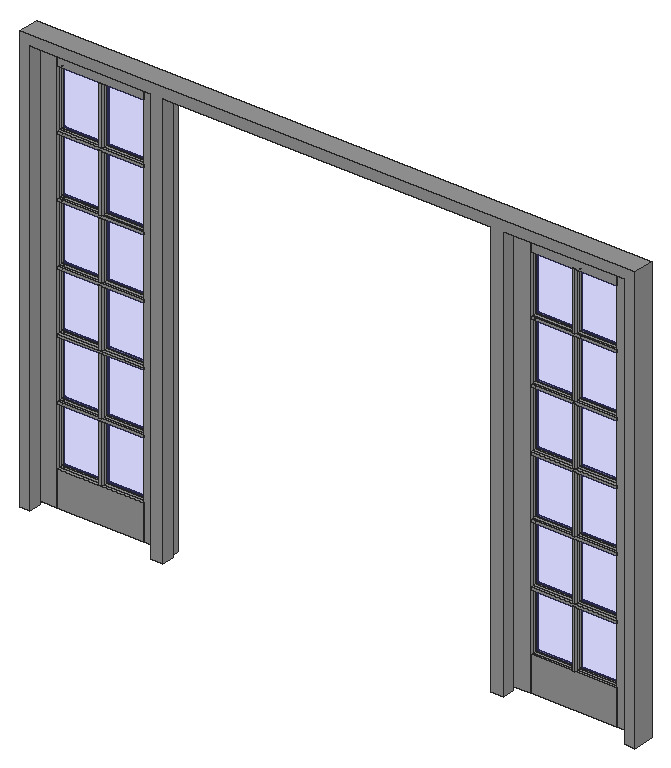
Revit family "VSLF 6 16 6 (3010x2090mm)", category Doors, host Wall, Revit 2013 (continued)
Automatic sketch dimensions
  Sweep 36 sketch curve to Sweep 36 sketch curve = 283.333 mm
  Sweep 36 sketch curve to profile plane = 0 mm
  profile plane to Sweep 36 sketch curve = 41.5 mm
  Sweep 36 sketch curve to profile plane = 7 mm
  Sweep 36 sketch curve to Sweep 36 sketch curve = 2 mm  (x2)
  Sweep 36 sketch curve to profile plane = 0.241 mm
  Sweep 36 sketch curve to Sweep 36 sketch curve = 6 mm
  plane 4 "Right" to Sweep 37 sketch curve = 352.5 mm
  plane 5 to Sweep 37 sketch curve = 713.656 mm
  Sweep 37 sketch curve to Sweep 37 sketch curve = 205.5 mm
  Sweep 37 sketch curve to Sweep 37 sketch curve = 283.333 mm
  Sweep 37 sketch curve to profile plane = 0 mm
  profile plane to Sweep 37 sketch curve = 41.5 mm
  Sweep 37 sketch curve to profile plane = 7 mm
  Sweep 37 sketch curve to Sweep 37 sketch curve = 2 mm  (x2)
  Sweep 37 sketch curve to profile plane = 0.241 mm
  Sweep 37 sketch curve to Sweep 37 sketch curve = 6 mm
  plane 4 "Right" to Sweep 38 sketch curve = 134 mm
  plane 4 "Right" to Sweep 38 sketch curve = 339.5 mm
  plane 5 to Sweep 38 sketch curve = 713.656 mm
  Sweep 38 sketch curve to Sweep 38 sketch curve = 283.333 mm
  Sweep 38 sketch curve to profile plane = 0 mm
  profile plane to Sweep 38 sketch curve = 41.5 mm
  Sweep 38 sketch curve to profile plane = 7 mm
  Sweep 38 sketch curve to Sweep 38 sketch curve = 2 mm  (x2)
  Sweep 38 sketch curve to profile plane = 0.241 mm
  Sweep 38 sketch curve to Sweep 38 sketch curve = 6 mm
  plane 5 to Sweep 39 sketch curve = 133.989 mm
  plane 4 "Right" to Sweep 39 sketch curve = 352.5 mm
  plane 5 to Sweep 39 sketch curve = 417.322 mm
  Sweep 39 sketch curve to Sweep 39 sketch curve = 205.5 mm
  Sweep 39 sketch curve to profile plane = 0 mm
  profile plane to Sweep 39 sketch curve = 41.5 mm
  Sweep 39 sketch curve to profile plane = 7 mm
  Sweep 39 sketch curve to Sweep 39 sketch curve = 2 mm  (x2)
  Sweep 39 sketch curve to profile plane = 0.241 mm
  Sweep 39 sketch curve to Sweep 39 sketch curve = 6 mm
  plane 4 "Right" to Sweep 40 sketch curve = 134 mm
  plane 5 to Sweep 40 sketch curve = 417.322 mm
  Sweep 40 sketch curve to Sweep 40 sketch curve = 205.5 mm
  plane 5 to Sweep 40 sketch curve = 133.989 mm
  Sweep 40 sketch curve to profile plane = 0 mm
  profile plane to Sweep 40 sketch curve = 41.5 mm
  Sweep 40 sketch curve to profile plane = 7 mm
  Sweep 40 sketch curve to Sweep 40 sketch curve = 2 mm  (x2)
  Sweep 40 sketch curve to profile plane = 0.241 mm
  Sweep 40 sketch curve to Sweep 40 sketch curve = 6 mm
  Extrusion 41 sketch curve to host wall = 27.5 mm  (x2)
  level to Extrusion 41 sketch curve = 20 mm
  Extrusion 41 sketch curve to Extrusion 41 sketch curve = 2 mm  (x6)
  Extrusion 41 sketch curve to Extrusion 41 sketch curve = 6 mm  (x2)
  Extrusion 41 sketch curve to host wall = 7.5 mm  (x2)
  Extrusion 41 sketch curve to Extrusion 41 sketch curve = 1.197 mm  (x2)
  Extrusion 41 sketch curve to Extrusion 41 sketch curve = 171 mm
  Extrusion 41 sketch curve to Extrusion 41 sketch curve = 0 mm  (x2)
  Extrusion 41 sketch curve to Extrusion 41 sketch curve = 7 mm  (x2)
  plane 5 to Extrusion 41 sketch curve = 143 mm
  plane 5 to Extrusion 41 sketch curve = 38 mm
  Extrusion 42 sketch curve to host wall = 7.5 mm  (x2)
  Extrusion 42 sketch curve to plane 3 "Left" = 654 mm
  Extrusion 42 sketch curve to host wall = 27.5 mm  (x2)
  Extrusion 42 sketch curve to Extrusion 42 sketch curve = 96 mm
  Extrusion 42 sketch curve to Extrusion 42 sketch curve = 0 mm  (x2)
  Extrusion 42 sketch curve to Extrusion 42 sketch curve = 7 mm  (x2)
  Extrusion 42 sketch curve to Extrusion 42 sketch curve = 2 mm  (x6)
  Extrusion 42 sketch curve to host wall = 37.5 mm
  Extrusion 42 sketch curve to plane 3 "Left" = 143 mm
  Extrusion 42 sketch curve to plane 3 "Left" = 38 mm
  Extrusion 42 sketch curve to Extrusion 42 sketch curve = 0.241 mm  (x2)
  Extrusion 42 sketch curve to Extrusion 42 sketch curve = 6 mm
  Extrusion 43 sketch curve to host wall = 35.5 mm
  Extrusion 43 sketch curve to plane 3 "Left" = 361.5 mm
  Extrusion 43 sketch curve to host wall = 27.5 mm
  Extrusion 43 sketch curve to Extrusion 43 sketch curve = 2 mm  (x6)
  Extrusion 43 sketch curve to host wall = 7.5 mm
  Extrusion 43 sketch curve to Extrusion 43 sketch curve = 9 mm
  Extrusion 43 sketch curve to Extrusion 43 sketch curve = 0 mm
  Extrusion 43 sketch curve to Extrusion 43 sketch curve = 13 mm  (x2)
  Extrusion 43 sketch curve to Extrusion 43 sketch curve = 7 mm
  Extrusion 43 sketch curve to Extrusion 43 sketch curve = 0.241 mm  (x2)
  Extrusion 43 sketch curve to Extrusion 43 sketch curve = 6 mm
  Extrusion 44 sketch curve to host wall = 27.5 mm
  Extrusion 44 sketch curve to host wall = 35.5 mm
  plane 5 to Extrusion 44 sketch curve = 439.333 mm
  Extrusion 44 sketch curve to Extrusion 44 sketch curve = 2 mm  (x6)
  Extrusion 44 sketch curve to Extrusion 44 sketch curve = 6 mm
  Extrusion 44 sketch curve to host wall = 7.5 mm
  Extrusion 44 sketch curve to Extrusion 44 sketch curve = 1.197 mm  (x2)
  Extrusion 44 sketch curve to Extrusion 44 sketch curve = 9 mm
  Extrusion 44 sketch curve to Extrusion 44 sketch curve = 0 mm
  Extrusion 44 sketch curve to Extrusion 44 sketch curve = 13 mm  (x2)
  Extrusion 44 sketch curve to Extrusion 44 sketch curve = 7 mm
  Extrusion 45 sketch curve to host wall = 35.5 mm
  Extrusion 45 sketch curve to plane 3 "Left" = 361.5 mm
  Extrusion 45 sketch curve to host wall = 27.5 mm
  Extrusion 45 sketch curve to Extrusion 45 sketch curve = 2 mm  (x6)
  Extrusion 45 sketch curve to host wall = 7.5 mm
  Extrusion 45 sketch curve to Extrusion 45 sketch curve = 9 mm
  Extrusion 45 sketch curve to Extrusion 45 sketch curve = 0 mm
  Extrusion 45 sketch curve to Extrusion 45 sketch curve = 13 mm  (x2)
  Extrusion 45 sketch curve to Extrusion 45 sketch curve = 7 mm
  Extrusion 45 sketch curve to Extrusion 45 sketch curve = 0.241 mm  (x2)
  Extrusion 45 sketch curve to Extrusion 45 sketch curve = 6 mm
  Extrusion 46 sketch curve to host wall = 35.5 mm
  Extrusion 46 sketch curve to plane 3 "Left" = 361.5 mm
  Extrusion 46 sketch curve to host wall = 27.5 mm
  Extrusion 46 sketch curve to Extrusion 46 sketch curve = 2 mm  (x6)
  Extrusion 46 sketch curve to host wall = 7.5 mm
  Extrusion 46 sketch curve to Extrusion 46 sketch curve = 9 mm
  Extrusion 46 sketch curve to Extrusion 46 sketch curve = 0 mm
  Extrusion 46 sketch curve to Extrusion 46 sketch curve = 13 mm  (x2)
  Extrusion 46 sketch curve to Extrusion 46 sketch curve = 7 mm
  Extrusion 46 sketch curve to Extrusion 46 sketch curve = 0.241 mm  (x2)
  Extrusion 46 sketch curve to Extrusion 46 sketch curve = 6 mm
  Extrusion 47 sketch curve to host wall = 35.5 mm
  Extrusion 47 sketch curve to plane 3 "Left" = 361.5 mm
  Extrusion 47 sketch curve to host wall = 27.5 mm
  Extrusion 47 sketch curve to Extrusion 47 sketch curve = 2 mm  (x6)
  Extrusion 47 sketch curve to host wall = 7.5 mm
  Extrusion 47 sketch curve to Extrusion 47 sketch curve = 9 mm
  Extrusion 47 sketch curve to Extrusion 47 sketch curve = 0 mm
  Extrusion 47 sketch curve to Extrusion 47 sketch curve = 13 mm  (x2)
  Extrusion 47 sketch curve to Extrusion 47 sketch curve = 7 mm
  Extrusion 47 sketch curve to Extrusion 47 sketch curve = 0.241 mm  (x2)
  Extrusion 47 sketch curve to Extrusion 47 sketch curve = 6 mm
  Extrusion 48 sketch curve to host wall = 35.5 mm
  Extrusion 48 sketch curve to plane 3 "Left" = 361.5 mm
  Extrusion 48 sketch curve to host wall = 27.5 mm
  Extrusion 48 sketch curve to Extrusion 48 sketch curve = 2 mm  (x6)
  Extrusion 48 sketch curve to host wall = 7.5 mm
  Extrusion 48 sketch curve to Extrusion 48 sketch curve = 9 mm
  Extrusion 48 sketch curve to Extrusion 48 sketch curve = 0 mm
  Extrusion 48 sketch curve to Extrusion 48 sketch curve = 13 mm  (x2)
  Extrusion 48 sketch curve to Extrusion 48 sketch curve = 7 mm
  Extrusion 48 sketch curve to Extrusion 48 sketch curve = 0.241 mm  (x2)
  Extrusion 48 sketch curve to Extrusion 48 sketch curve = 6 mm
  Extrusion 49 sketch curve to host wall = 35.5 mm
  Extrusion 49 sketch curve to plane 3 "Left" = 361.5 mm
  Extrusion 49 sketch curve to host wall = 27.5 mm
  Extrusion 49 sketch curve to Extrusion 49 sketch curve = 2 mm  (x6)
  Extrusion 49 sketch curve to host wall = 7.5 mm
  Extrusion 49 sketch curve to Extrusion 49 sketch curve = 9 mm
  Extrusion 49 sketch curve to Extrusion 49 sketch curve = 0 mm
  Extrusion 49 sketch curve to Extrusion 49 sketch curve = 13 mm  (x2)
  Extrusion 49 sketch curve to Extrusion 49 sketch curve = 7 mm
  Extrusion 49 sketch curve to Extrusion 49 sketch curve = 0.241 mm  (x2)
  Extrusion 49 sketch curve to Extrusion 49 sketch curve = 6 mm
  Extrusion 50 sketch curve to plane 3 "Left" = 339.5 mm
  level to Extrusion 50 sketch curve = 191 mm
  Extrusion 50 sketch curve to plane 3 "Left" = 134 mm
  Extrusion 50 sketch curve to Extrusion 50 sketch curve = 283.333 mm
  Extrusion 51 sketch curve to plane 3 "Left" = 558 mm
  level to Extrusion 51 sketch curve = 191 mm
  Extrusion 51 sketch curve to Extrusion 51 sketch curve = 205.5 mm
  Extrusion 51 sketch curve to Extrusion 51 sketch curve = 283.333 mm
  Sweep 52 sketch curve to plane 3 "Left" = 339.5 mm
  level to Sweep 52 sketch curve = 191.011 mm
  Sweep 52 sketch curve to plane 3 "Left" = 134 mm
  Sweep 52 sketch curve to Sweep 52 sketch curve = 283.333 mm
  Sweep 52 sketch curve to profile plane = 0 mm
  profile plane to Sweep 52 sketch curve = 41.5 mm
  Sweep 52 sketch curve to profile plane = 7 mm
  Sweep 52 sketch curve to Sweep 52 sketch curve = 2 mm  (x2)
  Sweep 52 sketch curve to profile plane = 0.241 mm
  Sweep 52 sketch curve to Sweep 52 sketch curve = 6 mm
  Sweep 53 sketch curve to plane 3 "Left" = 558 mm
  level to Sweep 53 sketch curve = 191.011 mm
  Sweep 53 sketch curve to Sweep 53 sketch curve = 205.5 mm
  Sweep 53 sketch curve to Sweep 53 sketch curve = 283.333 mm
  Sweep 53 sketch curve to profile plane = 0 mm
  profile plane to Sweep 53 sketch curve = 41.5 mm
  Sweep 53 sketch curve to profile plane = 7 mm
  Sweep 53 sketch curve to Sweep 53 sketch curve = 2 mm  (x2)
  Sweep 53 sketch curve to profile plane = 0.241 mm
  Sweep 53 sketch curve to Sweep 53 sketch curve = 6 mm
  Extrusion 54 sketch curve to host wall = 27.5 mm
  Extrusion 54 sketch curve to host wall = 35.5 mm
  plane 5 to Extrusion 54 sketch curve = 735.667 mm
  Extrusion 54 sketch curve to Extrusion 54 sketch curve = 2 mm  (x6)
  Extrusion 54 sketch curve to Extrusion 54 sketch curve = 6 mm
  Extrusion 54 sketch curve to host wall = 7.5 mm
  Extrusion 54 sketch curve to Extrusion 54 sketch curve = 1.197 mm  (x2)
  Extrusion 54 sketch curve to Extrusion 54 sketch curve = 9 mm
  Extrusion 54 sketch curve to Extrusion 54 sketch curve = 0 mm
  Extrusion 54 sketch curve to Extrusion 54 sketch curve = 13 mm  (x2)
  Extrusion 54 sketch curve to Extrusion 54 sketch curve = 7 mm
  Extrusion 55 sketch curve to host wall = 27.5 mm
  Extrusion 55 sketch curve to host wall = 35.5 mm
  plane 5 to Extrusion 55 sketch curve = 1032 mm
  Extrusion 55 sketch curve to Extrusion 55 sketch curve = 2 mm  (x6)
  Extrusion 55 sketch curve to Extrusion 55 sketch curve = 6 mm
  Extrusion 55 sketch curve to host wall = 7.5 mm
  Extrusion 55 sketch curve to Extrusion 55 sketch curve = 1.197 mm  (x2)
  Extrusion 55 sketch curve to Extrusion 55 sketch curve = 9 mm
  Extrusion 55 sketch curve to Extrusion 55 sketch curve = 0 mm
  Extrusion 55 sketch curve to Extrusion 55 sketch curve = 13 mm  (x2)
  Extrusion 55 sketch curve to Extrusion 55 sketch curve = 7 mm
  Extrusion 56 sketch curve to host wall = 27.5 mm
  Extrusion 56 sketch curve to host wall = 35.5 mm
  level to Extrusion 56 sketch curve = 761.667 mm
  Extrusion 56 sketch curve to Extrusion 56 sketch curve = 2 mm  (x6)
  Extrusion 56 sketch curve to Extrusion 56 sketch curve = 6 mm
  Extrusion 56 sketch curve to host wall = 7.5 mm
  Extrusion 56 sketch curve to Extrusion 56 sketch curve = 1.197 mm  (x2)
  Extrusion 56 sketch curve to Extrusion 56 sketch curve = 9 mm
  Extrusion 56 sketch curve to Extrusion 56 sketch curve = 0 mm
  Extrusion 56 sketch curve to Extrusion 56 sketch curve = 13 mm  (x2)
  Extrusion 56 sketch curve to Extrusion 56 sketch curve = 7 mm
  Extrusion 57 sketch curve to host wall = 27.5 mm
  Extrusion 57 sketch curve to host wall = 35.5 mm
  level to Extrusion 57 sketch curve = 465.333 mm
  Extrusion 57 sketch curve to Extrusion 57 sketch curve = 2 mm  (x6)
  Extrusion 57 sketch curve to Extrusion 57 sketch curve = 6 mm
  Extrusion 57 sketch curve to host wall = 7.5 mm
  Extrusion 57 sketch curve to Extrusion 57 sketch curve = 1.197 mm  (x2)
  Extrusion 57 sketch curve to Extrusion 57 sketch curve = 9 mm
  Extrusion 57 sketch curve to Extrusion 57 sketch curve = 0 mm
  Extrusion 57 sketch curve to Extrusion 57 sketch curve = 13 mm  (x2)
  Extrusion 57 sketch curve to Extrusion 57 sketch curve = 7 mm
  Extrusion 58 sketch curve to plane 3 "Left" = 339.5 mm
  Extrusion 58 sketch curve to plane 3 "Left" = 134 mm
  level to Extrusion 58 sketch curve = 487.333 mm
  Extrusion 58 sketch curve to Extrusion 58 sketch curve = 283.333 mm
  Extrusion 59 sketch curve to plane 3 "Left" = 558 mm
  level to Extrusion 59 sketch curve = 487.333 mm
  Extrusion 59 sketch curve to Extrusion 59 sketch curve = 205.5 mm
  Extrusion 59 sketch curve to Extrusion 59 sketch curve = 283.333 mm
  Extrusion 60 sketch curve to plane 3 "Left" = 339.5 mm
  Extrusion 60 sketch curve to plane 3 "Left" = 134 mm
  level to Extrusion 60 sketch curve = 783.667 mm
  Extrusion 60 sketch curve to Extrusion 60 sketch curve = 283.333 mm
  Extrusion 61 sketch curve to plane 3 "Left" = 558 mm
  Extrusion 61 sketch curve to plane 3 "Left" = 352.5 mm
  level to Extrusion 61 sketch curve = 783.667 mm
  Extrusion 61 sketch curve to Extrusion 61 sketch curve = 283.333 mm
  Extrusion 62 sketch curve to plane 3 "Left" = 339.5 mm
  Extrusion 62 sketch curve to plane 3 "Left" = 134 mm
  plane 5 to Extrusion 62 sketch curve = 1010 mm
  Extrusion 62 sketch curve to Extrusion 62 sketch curve = 283.333 mm
  Extrusion 63 sketch curve to plane 3 "Left" = 558 mm
  Extrusion 63 sketch curve to plane 3 "Left" = 352.5 mm
  plane 5 to Extrusion 63 sketch curve = 1010 mm
  Extrusion 63 sketch curve to Extrusion 63 sketch curve = 283.333 mm
  Extrusion 64 sketch curve to plane 3 "Left" = 339.5 mm
  Extrusion 64 sketch curve to plane 3 "Left" = 134 mm
  plane 5 to Extrusion 64 sketch curve = 713.667 mm
  Extrusion 64 sketch curve to Extrusion 64 sketch curve = 283.333 mm
  Extrusion 65 sketch curve to plane 3 "Left" = 558 mm
  Extrusion 65 sketch curve to plane 3 "Left" = 352.5 mm
  plane 5 to Extrusion 65 sketch curve = 713.667 mm
  Extrusion 65 sketch curve to Extrusion 65 sketch curve = 283.333 mm
  plane 5 to Extrusion 66 sketch curve = 134 mm
  Extrusion 66 sketch curve to plane 3 "Left" = 339.5 mm
  Extrusion 66 sketch curve to plane 3 "Left" = 134 mm
  plane 5 to Extrusion 66 sketch curve = 417.333 mm
  plane 5 to Extrusion 67 sketch curve = 134 mm
  Extrusion 67 sketch curve to plane 3 "Left" = 558 mm
  plane 5 to Extrusion 67 sketch curve = 417.333 mm
  Extrusion 67 sketch curve to Extrusion 67 sketch curve = 205.5 mm
  Sweep 68 sketch curve to plane 3 "Left" = 339.5 mm
  Sweep 68 sketch curve to plane 3 "Left" = 134 mm
  level to Sweep 68 sketch curve = 487.344 mm
  Sweep 68 sketch curve to Sweep 68 sketch curve = 283.333 mm
  Sweep 68 sketch curve to profile plane = 0 mm
  profile plane to Sweep 68 sketch curve = 41.5 mm
  Sweep 68 sketch curve to profile plane = 7 mm
  Sweep 68 sketch curve to Sweep 68 sketch curve = 2 mm  (x2)
  Sweep 68 sketch curve to profile plane = 0.241 mm
  Sweep 68 sketch curve to Sweep 68 sketch curve = 6 mm
  Sweep 69 sketch curve to plane 3 "Left" = 558 mm
  level to Sweep 69 sketch curve = 487.344 mm
  Sweep 69 sketch curve to Sweep 69 sketch curve = 205.5 mm
  Sweep 69 sketch curve to Sweep 69 sketch curve = 283.333 mm
  Sweep 69 sketch curve to profile plane = 0 mm
  profile plane to Sweep 69 sketch curve = 41.5 mm
  Sweep 69 sketch curve to profile plane = 7 mm
  Sweep 69 sketch curve to Sweep 69 sketch curve = 2 mm  (x2)
  Sweep 69 sketch curve to profile plane = 0.241 mm
  Sweep 69 sketch curve to Sweep 69 sketch curve = 6 mm
  Sweep 70 sketch curve to plane 3 "Left" = 339.5 mm
  Sweep 70 sketch curve to plane 3 "Left" = 134 mm
  level to Sweep 70 sketch curve = 783.678 mm
  Sweep 70 sketch curve to Sweep 70 sketch curve = 283.333 mm
  Sweep 70 sketch curve to profile plane = 0 mm
  profile plane to Sweep 70 sketch curve = 41.5 mm
  Sweep 70 sketch curve to profile plane = 7 mm
  Sweep 70 sketch curve to Sweep 70 sketch curve = 2 mm  (x2)
  Sweep 70 sketch curve to profile plane = 0.241 mm
  Sweep 70 sketch curve to Sweep 70 sketch curve = 6 mm
  Sweep 71 sketch curve to plane 3 "Left" = 558 mm
  Sweep 71 sketch curve to plane 3 "Left" = 352.5 mm
  level to Sweep 71 sketch curve = 783.678 mm
  Sweep 71 sketch curve to Sweep 71 sketch curve = 283.333 mm
  Sweep 71 sketch curve to profile plane = 0 mm
  profile plane to Sweep 71 sketch curve = 41.5 mm
  Sweep 71 sketch curve to profile plane = 7 mm
  Sweep 71 sketch curve to Sweep 71 sketch curve = 2 mm  (x2)
  Sweep 71 sketch curve to profile plane = 0.241 mm
  Sweep 71 sketch curve to Sweep 71 sketch curve = 6 mm
  Sweep 72 sketch curve to plane 3 "Left" = 339.5 mm
  Sweep 72 sketch curve to plane 3 "Left" = 134 mm
  plane 5 to Sweep 72 sketch curve = 1009.989 mm
  Sweep 72 sketch curve to Sweep 72 sketch curve = 283.333 mm
  Sweep 72 sketch curve to profile plane = 0 mm
  profile plane to Sweep 72 sketch curve = 41.5 mm
  Sweep 72 sketch curve to profile plane = 7 mm
  Sweep 72 sketch curve to Sweep 72 sketch curve = 2 mm  (x2)
  Sweep 72 sketch curve to profile plane = 0.241 mm
  Sweep 72 sketch curve to Sweep 72 sketch curve = 6 mm
  Sweep 73 sketch curve to plane 3 "Left" = 558 mm
  Sweep 73 sketch curve to plane 3 "Left" = 352.5 mm
  plane 5 to Sweep 73 sketch curve = 1009.989 mm
  Sweep 73 sketch curve to Sweep 73 sketch curve = 283.333 mm
  Sweep 73 sketch curve to profile plane = 0 mm
  profile plane to Sweep 73 sketch curve = 41.5 mm
  Sweep 73 sketch curve to profile plane = 7 mm
  Sweep 73 sketch curve to Sweep 73 sketch curve = 2 mm  (x2)
  Sweep 73 sketch curve to profile plane = 0.241 mm
  Sweep 73 sketch curve to Sweep 73 sketch curve = 6 mm
  Sweep 74 sketch curve to plane 3 "Left" = 339.5 mm
  Sweep 74 sketch curve to plane 3 "Left" = 134 mm
  plane 5 to Sweep 74 sketch curve = 713.656 mm
  Sweep 74 sketch curve to Sweep 74 sketch curve = 283.333 mm
  Sweep 74 sketch curve to profile plane = 0 mm
  profile plane to Sweep 74 sketch curve = 41.5 mm
  Sweep 74 sketch curve to profile plane = 7 mm
  Sweep 74 sketch curve to Sweep 74 sketch curve = 2 mm  (x2)
  Sweep 74 sketch curve to profile plane = 0.241 mm
  Sweep 74 sketch curve to Sweep 74 sketch curve = 6 mm
  Sweep 75 sketch curve to plane 3 "Left" = 558 mm
  Sweep 75 sketch curve to plane 3 "Left" = 352.5 mm
  plane 5 to Sweep 75 sketch curve = 713.656 mm
  Sweep 75 sketch curve to Sweep 75 sketch curve = 283.333 mm
  Sweep 75 sketch curve to profile plane = 0 mm
  profile plane to Sweep 75 sketch curve = 41.5 mm
  Sweep 75 sketch curve to profile plane = 7 mm
  Sweep 75 sketch curve to Sweep 75 sketch curve = 2 mm  (x2)
  Sweep 75 sketch curve to profile plane = 0.241 mm
  Sweep 75 sketch curve to Sweep 75 sketch curve = 6 mm
  plane 5 to Sweep 76 sketch curve = 133.989 mm
  Sweep 76 sketch curve to plane 3 "Left" = 339.5 mm
  Sweep 76 sketch curve to plane 3 "Left" = 134 mm
  plane 5 to Sweep 76 sketch curve = 417.322 mm
  Sweep 76 sketch curve to profile plane = 0 mm
  profile plane to Sweep 76 sketch curve = 41.5 mm
  Sweep 76 sketch curve to profile plane = 7 mm
  Sweep 76 sketch curve to Sweep 76 sketch curve = 2 mm  (x2)
  Sweep 76 sketch curve to profile plane = 0.241 mm
  Sweep 76 sketch curve to Sweep 76 sketch curve = 6 mm
  plane 5 to Sweep 77 sketch curve = 133.989 mm
  Sweep 77 sketch curve to plane 3 "Left" = 558 mm
  plane 5 to Sweep 77 sketch curve = 417.322 mm
  Sweep 77 sketch curve to Sweep 77 sketch curve = 205.5 mm
  Sweep 77 sketch curve to profile plane = 0 mm
  profile plane to Sweep 77 sketch curve = 41.5 mm
  Sweep 77 sketch curve to profile plane = 7 mm
  Sweep 77 sketch curve to Sweep 77 sketch curve = 2 mm  (x2)
  Sweep 77 sketch curve to profile plane = 0.241 mm
  Sweep 77 sketch curve to Sweep 77 sketch curve = 6 mm
